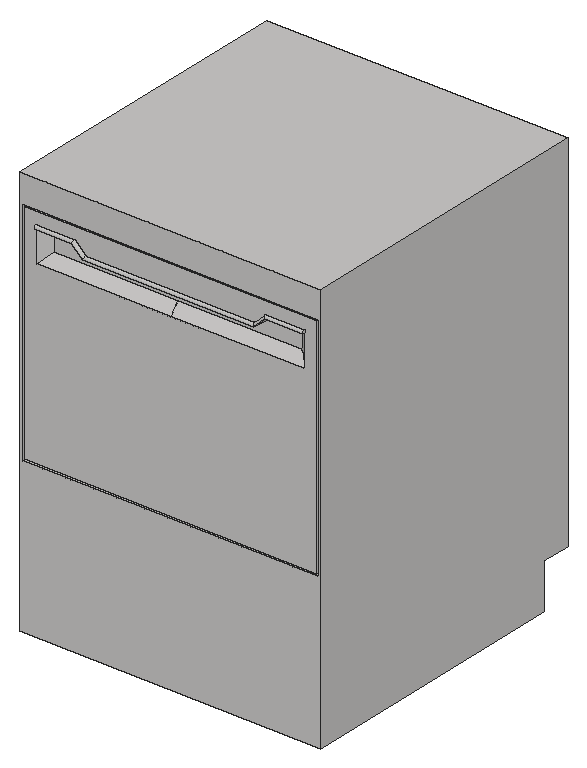
Revit family "QF_ELECTROLUXPROFESSIONAL_502702_ELI3CG", category Specialty Equipment, Revit 2018
Family settings
  Round Connector Dimension = Use Diameter
  Part Type = Normal
  Work Plane-Based = No
  Always vertical = Yes
  Cut with Voids When Loaded = No
  Shared = No
  Room Calculation Point = No
Parameters
  Weight = 76.00 kg
  Watts = 0 W
  Volts = 0 V
  URL Manufacturer = ""
  URL = "http://professional.electrolux.com/"
  Steam Supply Size = 0 mm
  Steam Supply Minimum Pressure = 0.0 Pa
  Steam Supply Maximum Pressure = 0.0 Pa
  Steam Pounds per Hour = 0
  Show Logo [instance] = yes
  Show Clearance [instance] = yes
  Refrigeration Suction Line Size = 0 mm
  Refrigeration Liquid Line Size = 0 mm
  Refrigerant Compressor Remote = yes
  Manufacturer = ""
  Phase = 0
  Model = ""
  Length Actual = 600 mm  # constant formula
  Item Number = ""
  Hot Water Size = 0 mm
  Height Actual = 820 mm  # constant formula
  HP = "9.2 HP"
  Gas Size = 0 mm
  Gas KW = 0
  Gas Input Pressure = 0 W
  Direct Waste Size = 27 mm
  Description = ""
  Depth Actual = 615 mm  # constant formula
  Cycle = 0 Hz
  Condensate Return Size = 0 mm
  Compressed Air Volume = 0.0 L/s
  Compressed Air Size = 0 mm
  Compressed Air Pressure = 0.0 Pa
  Cold Water Size = 0 mm
  Accessory = yes
Types (2, lengths in mm): name | Volts | URL Manufacturer | URL | Manufacturer | Phase | Model | Item Number | Hot Water Size | Description | Cycle
  (no name) | 0 V | "" | "http://professional.electrolux.com/" | "" | 0 | "" | "" | 0 | "" | 0 Hz
  Standard | 380 V | "http://professional.electrolux.com" | "http://professional.electrolux.com" | "Electrolux Professional" | 3 | "ELI3CG" | "502702" | 19.05 | "UNDERCOUNTER(L), DOUBLE SKIN, 3PH, COLD RINSE, DP, DD, 720D/H" | 50 Hz
Reference planes
  plane 1 "Center (Front/Back)": y = 0
  plane 2: z = 0
  plane 3 "Center (Left/Right)": x = 0
  plane 4 "LEFT": x = -300
  plane 5 "RIGHT": x = 300
  plane 6 "FRONT": y = -307.5
  plane 7 "BACK": y = 307.5
  plane 8: z = 830
  plane 9: z = 10
  plane 10: y = 268.5
Forms (mm)
  Extrusion 1, solid, material "QF_Finishes_Stainless Steel"
    sketch origin (0, 0, 0) x (1, 0, 0) y (0, 1, 0)
      loop
        line (-300, -307.5) -> (300, -307.5) -> (300, 249.5) -> (-300, 249.5) -> (-300, -307.5)
    from 10 to 830
  Extrusion 2, solid, material "QF_Finishes_Stainless Steel"
    sketch origin (0, 0, 0) x (1, 0, 0) y (0, 1, 0)
      loop
        line (-300, 249.5) -> (300, 249.5) -> (300, 307.5) -> (-300, 307.5) -> (-300, 249.5)
    from 100 to 830
  Extrusion 3, solid, material "QF_Finishes_Stainless Steel"
    sketch origin (0, 0, 0) x (1, 0, 0) y (0, 1, 0)
      loop
        circle (-254, 193.5) r 12.5
      loop
        circle (254, 193.5) r 12.5
      loop
        circle (-254, -237.5) r 12.5
      loop
        circle (254, -237.5) r 12.5
    from 0 to 10
  Extrusion 4, void
    sketch origin (-300, -307.5, 0) x (-1, 0, 0) y (0, 0, 1)
      loop
        line (-5, 773.217) -> (-595, 773.217) -> (-595, 315.188) -> (-5, 315.188) -> (-5, 773.217)
    from 0 to 30
  Extrusion 5, solid, material "QF_Finishes_Stainless Steel"
    sketch origin (-274, -411, 733) x (0, 0, -1) y (1, 0, 0)
      loop
        circle (693, 143) r 10
    from -660.5 to -718.5
  Extrusion 6, solid, material "QF_Door-Drawer Clearances", visible <- "Show Clearance", detail levels coarse
    sketch origin (-230, -282.5, 0) x (0, 1, 0) y (0, 0, -1)
      loop
        line (-25, -319.312) -> (-397, -319.312)
        arc (-397, -319.312) -> (-298.139, -616.581) -> (-25, -770) r 434.302
        line (-25, -770) -> (-25, -319.312)
    from 61.225 to -521.647
  Extrusion 7, solid, material "QF_Finishes_Stainless Steel"
    sketch origin (-331.481, -411, 703) x (0, 0, -1) y (1, 0, 0)
      loop
        circle (663, 252.481) r 8
    from -660.5 to -718.5
  Extrusion 8, solid, material "QF_Finishes_Stainless Steel"
    sketch origin (-230, -282.5, 0) x (0, 1, 0) y (0, 0, -1)
      loop
        line (-25, -319.312) -> (-25, -770) -> (0, -770) -> (0, -319.312) -> (-25, -319.312)
    from 61.225 to -521.647
  Extrusion 9, solid, material "QF_Finishes_Stainless Steel"
    sketch origin (-301, 942.75, 760.5) x (0, -1, 0) y (1, 0, 0)
      loop
        circle (663, 158) r 8
    from -660.5 to -670.5
  Blend 10, void
    base sketch origin (-230, -307.5, 770) x (0, 0, -1) y (1, 0, 0)
      loop
        line (93.563, -37.311) -> (93.563, 230) -> (93.563, 497.311) -> (28.563, 497.311) -> (28.563, 422.311) -> (49.776, 401.098) -> (49.776, 230) -> (49.776, 58.902) -> (28.563, 37.689) -> (28.563, -37.311) -> (93.563, -37.311)
    top sketch origin (-230, -307.5, 770) x (0, 0, -1) y (1, 0, 0)
      loop
        line (73.563, -17.311) -> (73.563, 230) -> (73.563, 477.311) -> (31.063, 477.311) -> (31.063, 422.311) -> (52.276, 401.098) -> (52.276, 58.902) -> (31.063, 37.689) -> (31.063, -17.311) -> (73.563, -17.311)
    from 0 to -19.433
  Sweep 11, solid, material "QF_Finishes_Stainless Steel"
    path origin (-230, -307.5, 770) x (0, 0, -1) y (1, 0, 0)
      loop
        line (28.563, -37.311) -> (28.563, 37.689) -> (49.776, 58.902) -> (49.776, 401.098) -> (28.563, 422.311) -> (28.563, 497.311)
    profile origin (-229.811, -307.5, 741.437) x (0, 0, 1) y (0, -1, 0)
      loop
        line (0, 0) -> (5, 0)
        arc (5, 0) -> (3.536, 3.536) -> (0, 5) r 5
        arc (0, 5) -> (-0.037, 0.962) -> (-0.394, -3.06) r 51.04
        line (-0.394, -3.06) -> (0, 0)
Cuts and joins
  Extrusion 4 cuts Extrusion 1
  joined: Extrusion 1, Extrusion 2
  Blend 10 cuts Extrusion 8
Lines and regions (mm)
  Split face 1
    outline origin (-300, -307.5, 830) x (0, 0, -1) y (1, 0, 0)
      loop
        line (56.783, 5) -> (56.783, 0)
      loop
        line (56.783, 595) -> (56.783, 600)
      loop
        line (37.034, 600) -> (37.034, 514.297)
        arc (37.034, 514.297) -> (37.64, 511.25) -> (39.366, 508.667) r 7.962
        line (39.366, 508.667) -> (44.289, 503.744)
        arc (44.289, 503.744) -> (46.135, 500.982) -> (46.783, 497.723) r 8.515
        line (46.783, 497.723) -> (46.783, 87.277)
        arc (46.783, 87.277) -> (46.135, 84.018) -> (44.289, 81.256) r 8.515
        line (44.289, 81.256) -> (39.366, 76.333)
        arc (39.366, 76.333) -> (37.64, 73.75) -> (37.034, 70.703) r 7.962
        line (37.034, 70.703) -> (37.034, 0)
  Split face 2
    outline origin (-300, -307.5, 830) x (0, 0, -1) y (1, 0, 0)
      loop
        line (13.15, 274.82) -> (37.034, 274.82) -> (37.034, 325.18) -> (13.15, 325.18) -> (13.15, 274.82)
  symbolic lines
    curve 1: line (-300, 307.5, 0) -> (300, 307.5, 0)
    curve 2: line (-300, -307.5, 0) -> (-300, 307.5, 0)
    curve 3: line (300, -307.5, 0) -> (-300, -307.5, 0)
    curve 4: line (300, 307.5, 0) -> (300, -307.5, 0)
  symbolic lines, style "QF_Door-Drawer Clearances"
    curve 5: line (-291.225, -679.5, 0) -> (291.647, -679.5, 0)
    curve 6: line (291.647, -679.5, 0) -> (291.647, -307.5, 0)
    curve 7: line (-291.225, -679.5, 0) -> (-291.225, -307.5, 0)
  symbolic lines, style "SpecialityEquipmentHiddenLines"
    curve 8: line (-300, 249.5, 0) -> (300, 249.5, 0)
Dimensions and locks
  equal spacing: plane 4 "LEFT", plane 3 "Center (Left/Right)", plane 5 "RIGHT"
  equal spacing: plane 7 "BACK", plane 1 "Center (Front/Back)", plane 6 "FRONT"
  plane 7 "BACK" to plane 6 "FRONT" = 615 mm
  plane 4 "LEFT" to plane 5 "RIGHT" = 600 mm
  locked: plane 9 to level at 10
  plane 4 "LEFT" to plane 3 "Center (Left/Right)" = 300 mm
  plane 8 to level = 830 mm  (x2)
  Extrusion 9 sketch curve to plane 4 "LEFT" = 157 mm
  level to Extrusion 5 sketch curve = 40 mm
  Extrusion 5 sketch curve to plane 4 "LEFT" = 169 mm
  Extrusion 7 sketch curve to plane 4 "LEFT" = 221 mm
  level to Extrusion 7 sketch curve = 40 mm
  Extrusion 3 to cut or joined group of Extrusion 1, Extrusion 2, Extrusion 4 = 114 mm
  Extrusion 3 to Extrusion 3 = 431 mm
  plane 6 "FRONT" to Extrusion 3 = 70 mm
  plane 1 "Center (Front/Back)" to plane 6 "FRONT" = 307.5 mm
  locked: plane 7 "BACK" to plane 10 at 39
  plane 7 "BACK" to curve 5 = 987 mm
  Extrusion 8 to cut or joined group of Extrusion 1, Extrusion 2, Extrusion 4 = 454.812 mm
  aligned and locked: level to plane 2
  aligned and locked: Extrusion 1 sketch curve to plane 6 "FRONT"
  aligned and locked: Extrusion 1 sketch curve to plane 4 "LEFT"
  aligned and locked: plane 5 "RIGHT" to Extrusion 1 sketch curve
  aligned and locked: Extrusion 1 to plane 9
  aligned and locked: Extrusion 2 sketch curve to Extrusion 1
  aligned and locked: plane 7 "BACK" to Extrusion 2 sketch curve
  aligned and locked: plane 5 "RIGHT" to Extrusion 2 sketch curve
  aligned and locked: plane 9 to Extrusion 3
Automatic sketch dimensions
  Extrusion 1 sketch curve to plane 10 = 19 mm
  Extrusion 2 sketch curve to plane 10 = 19 mm
  plane 4 "LEFT" to Extrusion 3 sketch curve = 46 mm  (x2)
  Extrusion 3 sketch curve to plane 5 "RIGHT" = 46 mm  (x2)
  plane 6 "FRONT" to Extrusion 3 sketch curve = 70 mm  (x2)
  Extrusion 3 sketch curve to plane 10 = 75 mm  (x2)
  Extrusion 4 sketch curve to Extrusion 1 = 5 mm  (x2)
  Extrusion 4 sketch curve to Extrusion 1 = 305.188 mm
  Extrusion 4 sketch curve to Extrusion 1 = 56.783 mm
  Extrusion 8 sketch curve to plane 6 "FRONT" = 0 mm
  Extrusion 8 sketch curve to Extrusion 8 sketch curve = 25 mm
  Extrusion 8 sketch curve to plane 8 = 60 mm
  plane 9 to Extrusion 8 sketch curve = 309.312 mm
  cut or joined group of Extrusion 1, Extrusion 2, Extrusion 4 to Split face 1 sketch curve = 0 mm  (x2)
  Split face 1 sketch curve to cut or joined group of Extrusion 1, Extrusion 2, Extrusion 4 = 0 mm  (x6)
  cut or joined group of Extrusion 1, Extrusion 2, Extrusion 4 to Split face 1 sketch curve = 10 mm
  Split face 1 sketch curve to Split face 1 sketch curve = 2.494 mm  (x2)
  Split face 1 sketch curve to Split face 1 sketch curve = 8.515 mm  (x2)
  cut or joined group of Extrusion 1, Extrusion 2, Extrusion 4 to Split face 1 sketch curve = 11.786 mm  (x2)
  Split face 1 sketch curve to Split face 1 sketch curve = 5.63 mm  (x2)
  Split face 1 sketch curve to Split face 1 sketch curve = 2.332 mm  (x2)
  Split face 1 sketch curve to cut or joined group of Extrusion 1, Extrusion 2, Extrusion 4 = 65.703 mm
  Split face 1 sketch curve to Split face 1 sketch curve = 4.923 mm  (x2)
  Split face 1 sketch curve to cut or joined group of Extrusion 1, Extrusion 2, Extrusion 4 = 97.277 mm
  Split face 2 sketch curve to cut or joined group of Extrusion 1, Extrusion 2, Extrusion 4 = 13.15 mm
  cut or joined group of Extrusion 1, Extrusion 2, Extrusion 4 to Split face 2 sketch curve = 19.749 mm
  Split face 2 sketch curve to cut or joined group of Extrusion 1, Extrusion 2, Extrusion 4 = 269.82 mm
  Split face 2 sketch curve to Split face 2 sketch curve = 50.359 mm
  curve 1 to plane 4 "LEFT" = 0 mm
  curve 7 to plane 6 "FRONT" = 0 mm
  curve 4 to plane 5 "RIGHT" = 0 mm
  curve 8 to plane 10 = 19 mm
  curve 2 to plane 7 "BACK" = 0 mm
  plane 4 "LEFT" to curve 5 = 8.775 mm
  curve 6 to plane 5 "RIGHT" = 8.353 mm
  Extrusion 6 sketch curve to plane 6 "FRONT" = 0 mm
  plane 6 "FRONT" to Extrusion 6 sketch curve = 61.803 mm
  plane 9 to Extrusion 6 sketch curve = 330.118 mm
  Extrusion 6 sketch curve to Extrusion 6 sketch curve = 20.806 mm
  Extrusion 6 sketch curve to plane 6 "FRONT" = 372 mm
  Blend 10 sketch curve to Extrusion 8 = 28.563 mm  (x2)
  Blend 10 sketch curve to Extrusion 8 = 49.776 mm
  Blend 10 sketch curve to Blend 10 sketch curve = 65 mm
  Extrusion 8 to Blend 10 sketch curve = 23.913 mm
  Blend 10 sketch curve to Blend 10 sketch curve = 75 mm  (x2)
  Blend 10 sketch curve to Blend 10 sketch curve = 21.213 mm  (x5)
  Blend 10 sketch curve to Blend 10 sketch curve = 171.098 mm  (x2)
  Blend 10 sketch curve to Blend 10 sketch curve = 0 mm
  Extrusion 8 to Blend 10 sketch curve = 120.549 mm
  Extrusion 8 to Blend 10 sketch curve = 99.335 mm
  Extrusion 8 to Blend 10 sketch curve = 43.913 mm
  Blend 10 sketch curve to Blend 10 sketch curve = 42.5 mm
  Extrusion 8 to Blend 10 sketch curve = 44.335 mm
  Blend 10 sketch curve to Blend 10 sketch curve = 55 mm  (x2)
  Blend 10 sketch curve to Extrusion 8 = 31.063 mm
  Extrusion 8 to Sweep 11 sketch curve = 98.913 mm
  Sweep 11 sketch curve to Sweep 11 sketch curve = 21.213 mm  (x4)
  Extrusion 8 to Sweep 11 sketch curve = 23.913 mm
  Sweep 11 sketch curve to Extrusion 8 = 28.563 mm
  Extrusion 8 to Sweep 11 sketch curve = 99.335 mm
  Extrusion 8 to Sweep 11 sketch curve = 24.335 mm
  profile plane to Sweep 11 sketch curve = 0 mm  (x2)
  Sweep 11 sketch curve to profile plane = 0 mm
  profile plane to Sweep 11 sketch curve = 3.452 mm
  Sweep 11 sketch curve to Sweep 11 sketch curve = 5 mm
  profile plane to Sweep 11 sketch curve = 0.394 mm
  Sweep 11 sketch curve to profile plane = 3.06 mm
  plane 10 to Extrusion 9 sketch curve = 11.25 mm
  radius of Extrusion 3 sketch curve = 12.5 mm  (x4)
  radius of Extrusion 5 sketch curve = 10 mm
  radius of Extrusion 7 sketch curve = 8 mm
  radius of Extrusion 9 sketch curve = 8 mm
Connectors
  piping at (-131, 307.5, 40), diameter 20
    settings: on Extrusion 5, index 1, connector inside diameter 609.6 mm, connector length 0 mm, flow factor 0, pipe flow 0.0 L/s, pressure drop 0.0 Pa, fitting loss kfactor 0, connector angle 0.00°, fixture units 0, engagement length 0 mm, angle of deflection 0.00°, flow configuration 1, flow direction 1, fitting loss method 0, system type 16, joint type 0, gender type 0, connector reference index -1, connector utility 0, adjustable connector no, is connector primary yes, connector description "Drain"
  piping at (-79, 307.5, 40), diameter 16
    settings: on Extrusion 7, index 3, connector inside diameter 609.6 mm, connector length 0 mm, flow factor 0, pipe flow 0.0 L/s, pressure drop 0.0 Pa, fitting loss kfactor 0, connector angle 0.00°, fixture units 0, engagement length 0 mm, angle of deflection 0.00°, flow configuration 1, flow direction 1, fitting loss method 0, system type 20, joint type 0, gender type 0, connector reference index -1, connector utility 0, adjustable connector no, is connector primary no, connector description "Cold Water Inlet"
  electrical at (-143, 279.75, 90), driven by "Volts"
    settings: on Extrusion 9, index 4, voltage 0 V, apparent load 0 VA, apparent load phase1 0 VA, apparent load phase2 0 VA, apparent load phase3 0 VA, power factor 1, load classification "Altro", number of poles 1, system type 31, power factor state 1, is connector primary yes, connector utility no, sub classification motor no, connector description "Electrical Connection"
